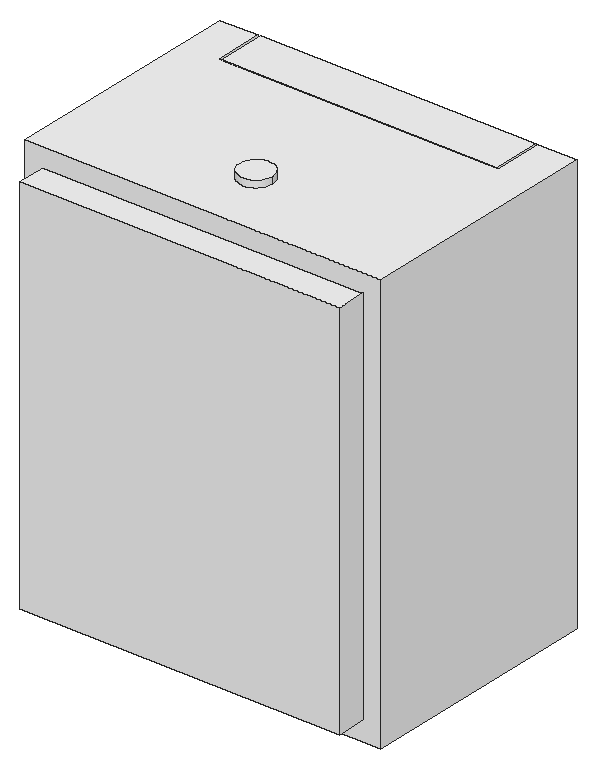
Revit family "Gira_010231", category Electrical Fixtures, host Wall, Revit 2017
Family settings
  Host = Wall
  Maintain Annotation Orientation = No
  Round Connector Dimension = Use Diameter
  Part Type = Normal
  OmniClass Number = 23.80.00.00
  OmniClass Title = Electric Power and Lighting
  Always vertical = Yes
  Cut with Voids When Loaded = No
  Shared = No
  Room Calculation Point = No
Parameters (values of type "Rocker sw. CB 2-p in.sp. WD surface-mounted grey")
  With mounting plate = no
  Wiring system = "2-pole switch"
  White = White
  Washing machine switch = no
  URL = "https://www.gira.de/"
  Type of lighting = "Not included"
  Type of fastening = "Screw mounting"
  Type Comments = ""
  Surface protection = "Sonstige (*de-DE)"
  Suitable for degree of protection (IP) = "IP66"
  Rated current [Ampere] = 10
  Push button switch = no
  Number of rockers = 1
  Number of modules (module system) = 1
  Nominal voltage [Volt] Number = 250
  Model = ""
  Method of operation = "Rocker/button"
  Material quality = "Sonstige (*de-DE)"
  Material = "Sonstige (*de-DE)"
  Manufacturer = "Gira"
  Label space/information surface = "optional (*de-DE)"
  Keynote = ""
  Illumination = "optional (*de-DE)"
  HeinzeBIM = "https://www.heinze.de/bim/rocker-sw-cb-2-p-in-sp-wd-surface-mounted-grey/626e7e59982f021de4a79ef9a78cba473ae01e55"
  Halogen free = no
  HAN = "010231"
  GTIN = "4010337102311"
  Function lighting = "Control and orientation"
  Feedback-signal contact = no
  Description = "Rock.sw.CB 2-p in.sp. WT SM GY Rocker switch 10 AX 250 V~ with inscription space Circuit breaker, 2-pole grey Notes : - Can also be connected with illumination."
  Cost = 0
  Connection type = "Plug clamp"
  Colour = "Grey"
  BIMSITE_PRODUCT_ID = "626e7e59982f021de4a79ef9a78cba473ae01e55"
  BIM = "https://media.live.bim.site/t/eyJhbGciOiJIUzI1NiIsInR5cCI6IkpXVCJ9.eyJjdCI6MSwidGYiOiJwdWJsaWMvZ2lyYS8wOWY1ZGI1L0lQNDRfS29tcGxldHRnZXLDpHRfU2NoYWx0ZW4gdW5kIFRhc3Rlbi5yZmEiLCJjaWQiOiJmZWQ5OGU5YS0xYmQ4LTRjNjgtYTczYi03NGE5NGUzMTU4MjMiLCJyaWQiOiJmZWJmY2IyNzc1YzE3MzM2NGNiMWZhYjk5NGVhMTcxNSIsInBpZCI6IjYyNmU3ZTU5OTgyZjAyMWRlNGE3OWVmOWE3OGNiYTQ3M2FlMDFlNTUiLCJzaWQiOiI2MzQ3MCIsInV0Ijo1LCJsYyI6ImVuIiwiaWF0IjoxNjA3NTI0Mjc1LCJpc3MiOiJodHRwczovL2FwaS5saXZlLmJpbS5zaXRlIiwic3ViIjoiOGQzYWE1Y2ItZTA2Ni00NTk4LWJlMTYtNmUxNmVlNzQ5NTZhIn0.dyHu7dxKZhOEl-aNhr4Cz_mJLrgzt3nnk-nkR6cNWL0/IP44_Komplettgerät_Schalten und Tasten.rfa"
  Assembly arrangement = "Basic element with complete housing"
  Assembly Code = ""
Reference planes
  plane 1: y = 0
  plane 2 "Center (Left/Right)": x = 125
  plane 3 "Back": y = 75
Forms (mm)
  Extrusion 1, solid, material "White" <- "White", detail levels fine
    sketch origin (0, 75, 0) x (1, 0, 0) y (0, 0, 1)
      loop
        line (154.5, 90) -> (95.5, 90) -> (95.5, 85.5) -> (154.5, 85.5) -> (154.5, 90)
    from -52.3 to -41.9
  Extrusion 2, solid, material "White" <- "White", detail levels fine
    sketch origin (0, 75, 0) x (1, 0, 0) y (0, 0, 1)
      loop
        line (154.5, 72) -> (154.5, 85) -> (95.5, 85) -> (95.5, 72) -> (154.5, 72)
    from -52.3 to -41.9
  Extrusion 3, solid, material "White" <- "White", detail levels medium+fine
    sketch origin (0, 75, 0) x (1, 0, 0) y (0, 0, 1)
      loop
        line (159.2, 86) -> (90.8, 86) -> (90.8, 4) -> (159.2, 4) -> (159.2, 86)
    from 0 to 6.2
  Extrusion 4, solid, material "White" <- "White", detail levels fine
    sketch origin (0, 75, 0) x (1, 0, 0) y (0, 0, 1)
      loop
        line (163.2, 90) -> (86.8, 90) -> (86.8, 0) -> (163.2, 0) -> (163.2, 90)
    from 0 to -52.3
  Extrusion 5, void
    sketch origin (0, 75, 0) x (1, 0, 0) y (0, 0, 1)
      loop
        line (95, 90.5) -> (95, 8.6) -> (155, 8.6) -> (155, 90.5) -> (95, 90.5)
    from -41.9 to -57.5
  Extrusion 6, solid, material "White" <- "White", detail levels medium
    sketch origin (0, 75, 0) x (1, 0, 0) y (0, 0, 1)
      loop
        line (154.5, 90) -> (95.5, 90) -> (95.5, 9.1) -> (154.5, 9.1) -> (154.5, 90)
    from -52.3 to -41.9
  Extrusion 7, solid, material "White" <- "White", detail levels coarse
    sketch origin (0, 75, 0) x (1, 0, 0) y (0, 0, 1)
      loop
        line (163.2, 91.4) -> (86.8, 91.4) -> (86.8, 0) -> (163.2, 0) -> (163.2, 91.4)
    from 6.2 to -52.3
  Extrusion 8, solid, material "White" <- "White", detail levels medium+fine
    sketch origin (163.2, 75, 90) x (-1, 0, 0) y (0, -1, 0)
      loop
        circle (38.2, -14.2) r 3.55
    from 0 to 1.4
  Extrusion 9, solid, material "White" <- "White", detail levels medium
    sketch origin (0, 75, 0) x (1, 0, 0) y (0, 0, 1)
      loop
        line (163.2, 90) -> (86.8, 90) -> (86.8, 0) -> (163.2, 0) -> (163.2, 90)
    from 0 to -52.3
  Extrusion 10, solid, material "White" <- "White", detail levels fine
    sketch origin (0, 75, 0) x (1, 0, 0) y (0, 0, 1)
      loop
        line (128.7, 43.6) -> (121.3, 43.6)
        arc (121.3, 43.6) -> (119, 41.3) -> (121.3, 39) r 2.3
        line (121.3, 39) -> (128.7, 39)
        arc (128.7, 39) -> (131, 41.3) -> (128.7, 43.6) r 2.3
    from -41.9 to -51.167
Cuts and joins
  Extrusion 5 cuts Extrusion 4
Text (mm)
  text "Placement side" at (-1867.185, 1116.779, 0), in view "Ref. Level"
  text "Placement side" at (0, 1270.507, 3001.832), in view "Left"
  text "Placement side" at (0, 530.812, 2999.686), in view "Right"
Dimensions and locks
  locked: plane 3 "Back" to host wall
  cut or joined group of Extrusion 4, Extrusion 5 to Extrusion 8 sketch curve = 14.2 mm
  aligned and locked: plane 1 to host wall
  aligned and locked: Extrusion 8 to Extrusion 6
  aligned and locked: cut or joined group of Extrusion 4, Extrusion 5 to nested 1
  aligned and locked: Extrusion 6 to nested 1
  aligned and locked: plane 3 "Back" to nested 2
Nested families
  nested 1: "Family5" at (125, 116.9, 9.1), type "Family5", detail levels fine
  nested 2: "1040099" at (125, 75, 0), type "1040099"
Connectors
  electrical at (125, 68.8, 45)
    settings: on Extrusion 3, index 1, voltage 220 V, apparent load 0 VA, apparent load phase1 0 VA, apparent load phase2 0 VA, apparent load phase3 0 VA, power factor 1, load classification "Other", number of poles 1, system type 31, power factor state 1, is connector primary yes, connector utility no, sub classification motor no, connector description ""
Definition of nested family "Family5"
  Parameters
    white = none
  Reference planes
    plane 1 "Center (Front/Back)": y = 0
    plane 2: z = 0
    plane 3 "Center (Left/Right)": x = 0
    plane 4: z = 63
    plane 5: y = 10
    plane 6: x = 29.5
    plane 7: x = -29.5
  Forms (mm)
    Extrusion 1, solid, material <- "white"
      sketch origin (0, 0, 0) x (0, 1, 0) y (0, 0, 1)
        loop
          line (0, 63) -> (0, 0) -> (10, 1.763) -> (5.815, 61.617) -> (0, 63)
      from -29.5 to 29.5
  Dimensions and locks
    aligned and locked: level to plane 2
Definition of nested family "1040099"
  Reference planes
    plane 1: y = 0
    plane 2: x = 0
